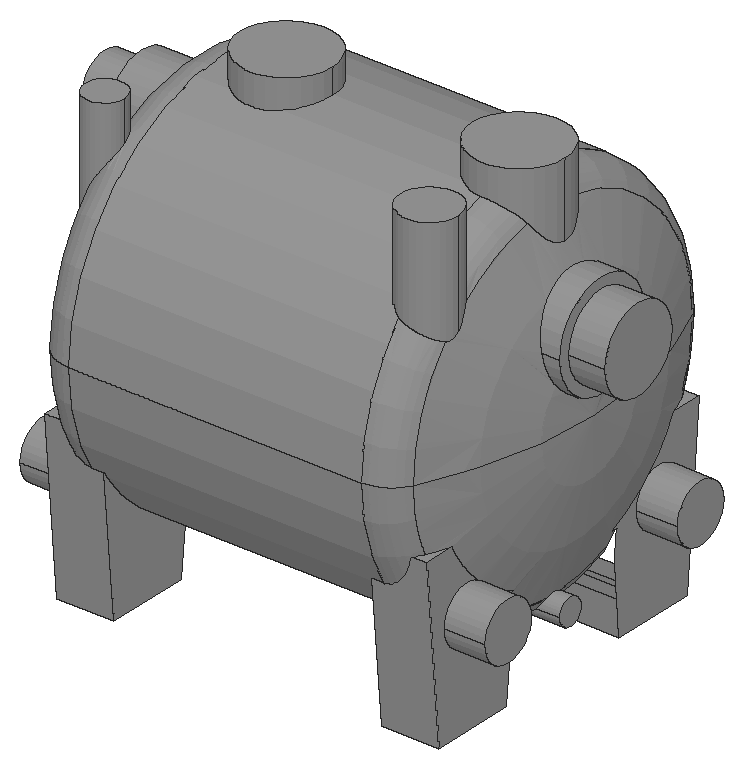
Revit family "BIM_Model_Sanimat_4002_50_XFP_80C_CB1.1", category Mechanical Equipment, Revit 2018
Family settings
  Round Connector Dimension = Use Radius
  Part Type = Normal
  Work Plane-Based = No
  Always vertical = Yes
  Cut with Voids When Loaded = No
  Shared = No
  Room Calculation Point = No
Parameters (values of type "80C-CB1.3")
  Weight (Kg) = "231"
  Volute = Cast Iron EN-GJL-250
  Vent/Inflow DN 70 = 70 mm / 2  # 35 mm
  Tank Material = Polyethylene
  Speed (r/min) = 1450
  Solids Size = "75"
  Rotor shatf = Stainless steel 1.4021 (AISI 420)
  Rated Voltage (V) = "400 3~"
  Rated Current (A) = "4.6"
  Pump Discharge DN = 80 mm
  Pump Connection DN 100 = 100 mm / 2  # 50 mm
  Product Specification Link = "http://www.sulzer.com/en/Products-and-Services/Pumps-and-Systems/Lifting-Stations/Lifting-Stations-Wastewater-with-toilet-waste/Lifting-Station-Type-ABS-Sanimat-4002"
  Motor Power (kW) = "P1=2.5 P2=2.2"
  Motor Housing = Cast Iron EN-GJL-250
  Motor = "PE22/4C"
  Model = "Lifting Station Type ABS Sanimat 4002"
  Manufacturer = "Sulzer"
  Inflow/Hand Membrane Pump DN 40 = 40 mm / 2  # 20 mm
  Inflow DN 150/200 = 150 mm / 2  # 75 mm
  Inflow DN 100/150 = 100 mm / 2  # 50 mm
  Inflow DN 100 = 100 mm / 2  # 50 mm
  Impeller = Cast Iron EN-GJL-250
  Discharge Flange DN 80 = 80 mm / 2  # 40 mm
  Discharge Flange [instance] = Pump Discharge DN / 2  # 40 mm
  Discharge Connection = "Sleeve 4'' DN 100"
  Description = "Flood-proof double lifting station for automatic sewage pumping from areas below the backwash level in accordance with EN 12050-1."
  Cable Type / Starting = "(a) / DOL"
  Cable Length (m) = "10m"
  Bottom Plate = Cast Iron EN-GJL-250
Types (7, lengths in mm): name | Weight (Kg) | Speed (r/min) | Rated Current (A) | Pump Discharge DN | Motor Power (kW) | Motor | Discharge Flange | Cable Type / Starting | Cable Length (m)
  (no name) | "231" | 1450 | "4.6" | 80 | "P1=2.5 P2=2.2" | "PE22/4C" | 40 | "(a) / DOL" | "10m"
  80C-CB1.1 | "231" | 980 | "3.6" | 80 | "P1=1.6 P2=1.3" | "PE13/6C" | 40 | "(a) / DOL" | ""
  80C-CB1.3 | "231" | 1450 | "4.6" | 80 | "P1=2.5 P2=2.2" | "PE22/4C" | 40 | "(a) / DOL" | "10m"
  100C-CB1.3 | "245" | 1450 | "4.6" | 100 | "P1=2.5 P2=2.2" | "PE22/4C" | 50 | "(a) / DOL" | ""
  100C-CB1.2 | "249" | 1450 | "6.4" | 100 | "P1=3.4 P2=3.0" | "PE29/4C" | 50 | "(a) / DOL" | ""
  100E-CB1.3 | "387" | 1450 | "13.6" | 100 | "P1=6.7 P2=6.0" | "PE60/4C" | 50 | "(b) / YΔ" | ""
  100E-CB1.4 | "387" | 1450 | "13.6" | 100 | "P1=6.7 P2=6.0" | "PE60/4C" | 50 | "(b) / YΔ" | ""
Reference planes
  plane 1 "Center (Front/Back)": y = 0
  plane 2: z = 0
  plane 3 "Center (Left/Right)": x = 0
  plane 4: z = 460
  plane 5: z = 736
  plane 6: x = -201.373
  plane 7: x = 527.373
  plane 8: x = -93.373
  plane 9: y = 233
  plane 10: z = 883
  plane 11: z = 880
  plane 12: x = -282
  plane 13: x = 608
  plane 14: x = -347
  plane 15: x = 673
  plane 16: z = 840
  plane 17: x = -277
  plane 18: x = 603
  plane 19: x = -212
  plane 20: x = 543
Forms (mm)
  Revolve 1, solid, material "Polyethylene" <- "Tank Material"
    sketch origin (-1062.507, -1524, 460) x (-1, 0, 0) y (0, -1, 0)
      loop
        line (-1505.176, -1899) -> (-946.179, -1899)
        arc (-946.179, -1899) -> (-906.658, -1887.742) -> (-879.001, -1857.348) r 75
        arc (-879.001, -1857.348) -> (-820.622, -1695.198) -> (-800.813, -1524) r 749.694
        line (-800.813, -1524) -> (-1650.542, -1524)
        arc (-1650.542, -1524) -> (-1630.733, -1695.198) -> (-1572.354, -1857.348) r 749.694
        arc (-1572.354, -1857.348) -> (-1544.697, -1887.742) -> (-1505.176, -1899) r 75
      axis (-1650.542, -1524) -> (-800.813, -1524)
    angle from 0 to 360
  Extrusion 2, solid, material "Polyethylene" <- "Tank Material"
    sketch origin (-201.373, 337.079, 1200) x (0, 1, 0) y (0, 0, 1)
      loop
        line (-210.113, -1099.757) -> (-209.294, -1109.128) -> (-207.391, -1130.872) -> (-201.343, -1200) -> (-40.218, -1200) -> (-11.331, -869.818) -> (-662.826, -869.818) -> (-633.939, -1200) -> (-472.814, -1200) -> (-466.766, -1130.872) -> (-464.863, -1109.128) -> (-464.044, -1099.757) -> (-462.982, -1069.683)
        spline (-462.982, -1069.683) -> (-462.939, -1064.666) -> (-462.943, -1059.645) -> (-462.996, -1054.614) -> (-463.102, -1049.59) -> (-463.266, -1044.566) -> (-463.495, -1039.542) -> (-463.802, -1034.52) -> (-464.204, -1029.502) -> (-464.733, -1024.483) -> (-465.44, -1019.49) -> (-466.453, -1014.54) -> (-468.221, -1009.818)
        line (-468.221, -1009.818) -> (-205.936, -1009.818)
        spline (-205.936, -1009.818) -> (-207.704, -1014.54) -> (-208.717, -1019.49) -> (-209.424, -1024.483) -> (-209.953, -1029.502) -> (-210.355, -1034.52) -> (-210.662, -1039.542) -> (-210.891, -1044.566) -> (-211.055, -1049.59) -> (-211.161, -1054.614) -> (-211.214, -1059.645) -> (-211.218, -1064.666) -> (-211.175, -1069.683)
        line (-211.175, -1069.683) -> (-210.113, -1099.757)
    from -0.627 to 108
  Extrusion 3, solid, material "Polyethylene" <- "Tank Material"
    sketch origin (527.373, 337.079, 1200) x (0, 1, 0) y (0, 0, -1)
      loop
        line (-210.113, 1099.757) -> (-211.175, 1069.683)
        spline (-211.175, 1069.683) -> (-211.218, 1064.666) -> (-211.214, 1059.645) -> (-211.161, 1054.614) -> (-211.055, 1049.59) -> (-210.891, 1044.566) -> (-210.662, 1039.542) -> (-210.355, 1034.52) -> (-209.953, 1029.502) -> (-209.424, 1024.483) -> (-208.717, 1019.49) -> (-207.704, 1014.54) -> (-205.936, 1009.818)
        line (-205.936, 1009.818) -> (-468.221, 1009.818)
        spline (-468.221, 1009.818) -> (-466.453, 1014.54) -> (-465.44, 1019.49) -> (-464.733, 1024.483) -> (-464.204, 1029.502) -> (-463.802, 1034.52) -> (-463.495, 1039.542) -> (-463.266, 1044.566) -> (-463.102, 1049.59) -> (-462.996, 1054.614) -> (-462.943, 1059.645) -> (-462.939, 1064.666) -> (-462.982, 1069.683)
        line (-462.982, 1069.683) -> (-464.044, 1099.757) -> (-464.863, 1109.128) -> (-466.766, 1130.872) -> (-472.814, 1200) -> (-633.939, 1200) -> (-662.826, 869.818) -> (-11.331, 869.818) -> (-40.218, 1200) -> (-201.343, 1200) -> (-207.391, 1130.872) -> (-209.294, 1109.128) -> (-210.113, 1099.757)
    from -0.627 to 108
  Extrusion 4, solid, material "Polyethylene" <- "Tank Material"
    sketch origin (-644.958, -1524, 883) x (-1, 0, 0) y (0, -1, 0)
      loop
        circle (-644.958, -1524) r 88
      loop
        circle (-1089.958, -1524) r 88
    from 0 to -147
  Extrusion 5, solid, material "Polyethylene" <- "Tank Material"
    sketch origin (-621.299, -1524, 880) x (-1, 0, 0) y (0, -1, 0)
      loop
        circle (-1081.299, -1291) r 55
    from 0 to -420
  Extrusion 6, solid, material "Polyethylene" <- "Tank Material"
    sketch origin (-282, 278.51, 1200) x (0, 1, 0) y (0, 0, 1)
      loop
        circle (-48.51, -1000) r 55
      loop
        circle (-508.51, -1000) r 55
    from 0 to 80
  Extrusion 7, solid, material "Polyethylene" <- "Tank Material"
    sketch origin (527.373, 337.079, 1200) x (0, 1, 0) y (0, 0, 1)
      loop
        circle (-567.079, -1000) r 55
      loop
        circle (-107.079, -1000) r 55
    from 0.627 to 80.627
  Extrusion 8, solid, material "Polyethylene" <- "Tank Material"
    sketch origin (-347, -1524, 1477.614) x (0, 0, 1) y (0, -1, 0)
      loop
        circle (-772.614, -1524) r 55
    from 0 to 253.627
  Extrusion 9, solid, material "Polyethylene" <- "Tank Material"
    sketch origin (673, -1524, 1332.29) x (0, 0, 1) y (0, -1, 0)
      loop
        circle (-727.29, -1524) r 80
    from 0 to -673
  Extrusion 10, solid, material "Polyethylene" <- "Tank Material"
    sketch origin (-662.452, -1524, 840) x (-1, 0, 0) y (0, -1, 0)
      loop
        circle (-482.452, -1314) r 37.714
    from 0 to -380
  Extrusion 11, solid, material "Polyethylene" <- "Tank Material"
    sketch origin (-277, -1524, 927.25) x (0, 0, 1) y (0, -1, 0)
      loop
        circle (-222.25, -1524) r 80
    from 0 to 183.627
  Extrusion 12, solid, material "Polyethylene" <- "Tank Material"
    sketch origin (603, -1524, 955.568) x (0, 0, 1) y (0, -1, 0)
      loop
        circle (-350.568, -1524) r 100
    from 0 to -75.627
  Extrusion 13, solid, material "Polyethylene" <- "Tank Material"
    sketch origin (-277, -1524, 927.25) x (0, 0, 1) y (0, -1, 0)
      loop
        circle (-818.25, -1524) r 25
    from 65 to 183.627
  Extrusion 14, solid, material "Polyethylene" <- "Tank Material"
    sketch origin (603, -1524, 955.568) x (0, 0, 1) y (0, -1, 0)
      loop
        circle (-846.568, -1524) r 25
    from -60 to -183.627
Cuts and joins
  joined: Revolve 1, Extrusion 2, Extrusion 3, Extrusion 4, Extrusion 5, Extrusion 6, Extrusion 7, Extrusion 8, Extrusion 9, Extrusion 10, Extrusion 11, Extrusion 12, Extrusion 13, Extrusion 14
Lines and regions (mm)
  symbolic lines
    curve 1: line (0, 233, 883) -> (0, 233, 983)
Dimensions and locks
  locked: plane 4 to plane 2 at 460
  locked: plane 5 to plane 2 at 736
  plane 8 to plane 6 = 108 mm
  level to Extrusion 2 = 330.182 mm
  locked: plane 9 to plane 1 "Center (Front/Back)" at 233
  plane 10 to plane 2 = 883 mm
  plane 10 to plane 11 = 3 mm
  Extrusion 6 sketch curve to plane 1 "Center (Front/Back)" = 230 mm
  Extrusion 6 sketch curve to plane 2 = 200 mm
  plane 13 to plane 12 = 890 mm
  plane 3 "Center (Left/Right)" to plane 14 = 347 mm
  Extrusion 8 sketch curve to plane 2 = 705 mm
  plane 15 to plane 14 = 1020 mm
  Extrusion 9 sketch curve to plane 2 = 605 mm
  locked: plane 16 to plane 2 at 840
  plane 15 to plane 18 = 70 mm
  plane 17 to plane 14 = 70 mm
  Extrusion 13 sketch curve to plane 2 = 109 mm
  cut or joined group 1 (Revolve 1, Extrusion 2, Extrusion 3, Extrusion 4, Extrusion 5, Extrusion 6, Extrusion 7, Extrusion 8, Extrusion 9, Extrusion 10, Extrusion 11, Extrusion 12, Extrusion 13, Extrusion 14) to cut or joined group 1 = 755 mm
  plane 13 to plane 20 = 65 mm
  plane 19 to plane 17 = 65 mm
  aligned and locked: level to plane 2
  aligned and locked: plane 8 to Extrusion 2
  aligned and locked: Extrusion 5 to plane 4
  aligned and locked: plane 13 to Extrusion 7
  aligned and locked: Extrusion 6 to plane 12
  aligned and locked: Extrusion 8 to plane 14
  aligned and locked: plane 8 to Extrusion 8
  aligned and locked: Extrusion 9 to plane 3 "Center (Left/Right)"
  aligned and locked: Extrusion 10 to plane 4
  aligned and locked: plane 16 to Extrusion 10
  aligned and locked: Extrusion 12 to plane 7
  aligned and locked: plane 8 to Extrusion 13
  aligned and locked: cut or joined group 1 to Extrusion 14
  aligned and locked: Extrusion 14 to plane 20
  aligned and locked: plane 19 to Extrusion 13
  aligned and locked: Extrusion 11 to plane 17
Connectors
  piping at (543, 0, 109), diameter 40, driven by "Inflow/Hand Membrane Pump DN 40"
    settings: on cut or joined group 1, index 1, connector inside diameter 40 mm, connector length 0 mm, flow factor 0, pipe flow 0.0 L/s, pressure drop 0.0 Pa, fitting loss kfactor 0, connector angle 0.00°, fixture units 0, engagement length 0 mm, angle of deflection 0.00°, flow configuration 0, flow direction 0, fitting loss method 0, system type 29, joint type 0, gender type 0, connector reference index -1, connector utility 0, adjustable connector no, is connector primary yes, connector description "Hand membrane\r\npump DN 40"
  piping at (-212, 0, 109), diameter 40, driven by "Inflow/Hand Membrane Pump DN 40"
    settings: on cut or joined group 1, index 2, connector inside diameter 40 mm, connector length 0 mm, flow factor 0, pipe flow 0.0 L/s, pressure drop 0.0 Pa, fitting loss kfactor 0, connector angle 0.00°, fixture units 0, engagement length 0 mm, angle of deflection 0.00°, flow configuration 0, flow direction 0, fitting loss method 0, system type 29, joint type 0, gender type 0, connector reference index -1, connector utility 0, adjustable connector no, is connector primary no, connector description "Hand membrane\r\npump DN 40"
  piping at (673, 0, 605), diameter 150, driven by "Inflow DN 150/200"
    settings: on cut or joined group 1, index 3, connector inside diameter 150 mm, connector length 0 mm, flow factor 0, pipe flow 0.0 L/s, pressure drop 0.0 Pa, fitting loss kfactor 0, connector angle 0.00°, fixture units 0, engagement length 0 mm, angle of deflection 0.00°, flow configuration 0, flow direction 0, fitting loss method 0, system type 29, joint type 0, gender type 0, connector reference index -1, connector utility 0, adjustable connector no, is connector primary no, connector description "Inflow DN 150/200"
  piping at (460, -233, 880), diameter 100, driven by "Inflow DN 100/150"
    settings: on cut or joined group 1, index 4, connector inside diameter 100 mm, connector length 0 mm, flow factor 0, pipe flow 0.0 L/s, pressure drop 0.0 Pa, fitting loss kfactor 0, connector angle 0.00°, fixture units 0, engagement length 0 mm, angle of deflection 0.00°, flow configuration 0, flow direction 0, fitting loss method 0, system type 29, joint type 0, gender type 0, connector reference index -1, connector utility 0, adjustable connector no, is connector primary no, connector description "Inflow DN 100//150"
  piping at (-180, -210, 840), diameter 70, driven by "Vent/Inflow DN 70"
    settings: on cut or joined group 1, index 5, connector inside diameter 70 mm, connector length 0 mm, flow factor 0, pipe flow 0.0 L/s, pressure drop 0.0 Pa, fitting loss kfactor 0, connector angle 0.00°, fixture units 0, engagement length 0 mm, angle of deflection 0.00°, flow configuration 0, flow direction 0, fitting loss method 0, system type 29, joint type 0, gender type 0, connector reference index -1, connector utility 0, adjustable connector no, is connector primary no, connector description "Vent/Inflow DN 70"
  piping at (-347, 0, 705), diameter 100, driven by "Inflow DN 100/150"
    settings: on cut or joined group 1, index 6, connector inside diameter 100 mm, connector length 0 mm, flow factor 0, pipe flow 0.0 L/s, pressure drop 0.0 Pa, fitting loss kfactor 0, connector angle 0.00°, fixture units 0, engagement length 0 mm, angle of deflection 0.00°, flow configuration 0, flow direction 0, fitting loss method 0, system type 29, joint type 0, gender type 0, connector reference index -1, connector utility 0, adjustable connector no, is connector primary no, connector description "Inflow DN 100//150"
  piping at (-282, 230, 200), diameter 100, driven by "Pump Connection DN 100"
    settings: on cut or joined group 1, index 7, connector inside diameter 100 mm, connector length 0 mm, flow factor 0, pipe flow 0.0 L/s, pressure drop 0.0 Pa, fitting loss kfactor 0, connector angle 0.00°, fixture units 0, engagement length 0 mm, angle of deflection 0.00°, flow configuration 0, flow direction 0, fitting loss method 0, system type 29, joint type 0, gender type 0, connector reference index -1, connector utility 0, adjustable connector no, is connector primary no, connector description "Pump connection DN 100"
  piping at (-282, -230, 200), diameter 100, driven by "Pump Connection DN 100"
    settings: on cut or joined group 1, index 8, connector inside diameter 100 mm, connector length 0 mm, flow factor 0, pipe flow 0.0 L/s, pressure drop 0.0 Pa, fitting loss kfactor 0, connector angle 0.00°, fixture units 0, engagement length 0 mm, angle of deflection 0.00°, flow configuration 0, flow direction 0, fitting loss method 0, system type 29, joint type 0, gender type 0, connector reference index -1, connector utility 0, adjustable connector no, is connector primary no, connector description "Pump connection DN 100"
  piping at (608, -230, 200), diameter 100, driven by "Pump Connection DN 100"
    settings: on cut or joined group 1, index 9, connector inside diameter 100 mm, connector length 0 mm, flow factor 0, pipe flow 0.0 L/s, pressure drop 0.0 Pa, fitting loss kfactor 0, connector angle 0.00°, fixture units 0, engagement length 0 mm, angle of deflection 0.00°, flow configuration 0, flow direction 0, fitting loss method 0, system type 29, joint type 0, gender type 0, connector reference index -1, connector utility 0, adjustable connector no, is connector primary no, connector description "Pump connection DN 100"
  piping at (608, 230, 200), diameter 100, driven by "Pump Connection DN 100"
    settings: on cut or joined group 1, index 10, connector inside diameter 100 mm, connector length 0 mm, flow factor 0, pipe flow 0.0 L/s, pressure drop 0.0 Pa, fitting loss kfactor 0, connector angle 0.00°, fixture units 0, engagement length 0 mm, angle of deflection 0.00°, flow configuration 0, flow direction 0, fitting loss method 0, system type 29, joint type 0, gender type 0, connector reference index -1, connector utility 0, adjustable connector no, is connector primary no, connector description "Pump connection DN 100"
